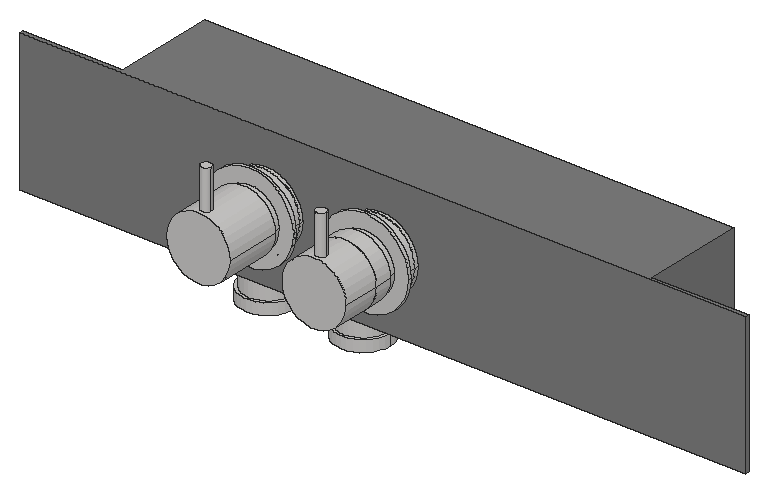
Revit family "5201", category Plumbing Fixtures, Revit 2021
Family settings
  Round Connector Dimension = Use Diameter
  Part Type = Normal
  Work Plane-Based = No
  Always vertical = Yes
  Cut with Voids When Loaded = No
  Shared = No
  Room Calculation Point = No
Parameters
  e-mail = "info@vola.com"
  URL = "http://vola.com"
  Telephone = "+45 7023 5500"
  Quality management standard = "ISO 9001"
  Organisation no. / DUNS no. = "17531328"
  Occupational health and safety management standard = "ISO 18001"
  Mounting Instructions = "http://vola.com/service/producturl.ashx?name=5201"
  Model = "5201"
  Mixer Offset [instance] = 12.00 mm
  Mixer = yes
  Materials and components information = "http://vola.com/service/producturl.ashx?name=5201"
  Manufacturer = "VOLA A/S"
  Maintenance Instructions = "http://vola.com/service/producturl.ashx?name=5201"
  Guarantee = "2 years"
  Flow = "45,00 l/min"
  Environmental management standard = "ISO 14000"
  Default Elevation = 0.00 mm
  Connection - All relevant connections = "¾\" for water connection"
  Approvals = "http://vola.com/service/producturl.ashx?name=5201"
Reference planes
  plane 1 "Center (Front/Back)": y = 0
  plane 2: z = 0
  plane 3 "Center (Left/Right)": x = 0
  plane 4 "Mixer plane": y = 12
  plane 5 "Wall Surface": y = 0
Forms (mm)
  Extrusion 1, solid, material "Stainless Steel", visible <- "Mixer"
    sketch origin (14.11, 9.5, 0) x (0, 0, -1) y (1, 0, 0)
      loop
        circle (0, 24.89) r 24.89
    from 0 to 9.5
  Extrusion 2, solid, material "Stainless Steel", visible <- "Mixer"
    sketch origin (-63.89, 9.5, 0) x (0, 0, -1) y (1, 0, 0)
      loop
        circle (0, 24.89) r 24.89
    from 0 to 9.5
Dimensions and locks
  "Mixer Offset": plane 4 "Mixer plane" to plane 1 "Center (Front/Back)"
  aligned and locked: plane 2 to level
  aligned and locked: nested 4 to plane 4 "Mixer plane"
  aligned and locked: plane 1 "Center (Front/Back)" to Extrusion 1
  aligned and locked: plane 1 "Center (Front/Back)" to Extrusion 2
Automatic sketch dimensions
  radius of Extrusion 1 sketch curve to nested 4 = 0.00 mm
  radius of Extrusion 2 sketch curve to nested 4 = 0.00 mm
Nested families
  nested 1: "NR52" at (39, -2, 0), type "NR52"
  nested 2: "NR51" at (-39, -2, 0), type "NR51"
  nested 3: "2001" at (-39, 0, 0) x (1, 0, 0) z (0, -1, 0), type "2001"
  nested 4: "5200V" at (0, 83.5, -85), visible <- "Mixer", type "5200V"
  nested 5: "2001" at (39, 0, 0) x (1, 0, 0) z (0, -1, 0), type "2001"
Connectors
  piping at (-71, 54.5, -85), diameter 37
    settings: on nested 4, index 1, connector inside diameter 1.45669", connector length 0.00 mm, flow factor 0, pipe flow 0 GPM, pressure drop 0.00 psi, fitting loss kfactor 0, connector angle 0.00°, fixture units 0, engagement length 0.00 mm, angle of deflection 0.00°, flow configuration 0, flow direction 1, fitting loss method 0, system type 19, joint type 0, gender type 0, connector reference index -1, connector utility 0, adjustable connector no, is connector primary yes, connector description ""
  piping at (-7, 54.5, -85), diameter 37
    settings: on nested 4, index 2, connector inside diameter 1.45669", connector length 0.00 mm, flow factor 0, pipe flow 0 GPM, pressure drop 0.00 psi, fitting loss kfactor 0, connector angle 0.00°, fixture units 0, engagement length 0.00 mm, angle of deflection 0.00°, flow configuration 0, flow direction 1, fitting loss method 0, system type 20, joint type 0, gender type 0, connector reference index -1, connector utility 0, adjustable connector no, is connector primary no, connector description ""
Definition of nested family "NR52"
  Parameters
    e-mail = "info@vola.com"
    URL = "http://vola.com"
    Telephone = "+45 7023 5500"
    Quality management standard = "ISO 9001"
    Organisation no. / DUNS no. = "17531328"
    Occupational health and safety management standard = "ISO 18001"
    Mounting Instructions = "http://vola.com/service/producturl.ashx?name=NR52"
    Model = "NR52"
    Materials and components information = "http://vola.com/service/producturl.ashx?name=NR52"
    Manufacturer = "VOLA A/S"
    Maintenance Instructions = "http://vola.com/service/producturl.ashx?name=NR52"
    Guarantee = "2 years"
    Environmental management standard = "ISO 14000"
    Default Elevation = 0.00 mm
    Connection - All relevant connections = ""
    Approvals = "http://vola.com/service/producturl.ashx?name=NR52"
  Reference planes
    plane 1 "Center (Front/Back)": y = 0
    plane 2: z = 0
    plane 3 "Center (Left/Right)": x = 0
  Forms (mm)
    Extrusion 1, solid
      sketch origin (0, 0, 0) x (1, 0, 0) y (0, 0, 1)
        loop
          circle (0, 0) r 20
      from 0 to 5
    Extrusion 2, solid
      sketch origin (0, 0, 0) x (1, 0, 0) y (0, 0, 1)
        loop
          circle (0, 0) r 21.5
      from 17 to 42.5
    Extrusion 3, solid
      sketch origin (0, -2, 0) x (0, -1, 0) y (1, 0, 0)
        loop
          circle (34.5, 0) r 3.5
      from 0 to 47.5
    Extrusion 4, solid
      sketch origin (0, 10.75, -47.4) x (0, -1, 0) y (1, 0, 0)
        loop
          circle (34.5, 0) r 3.5
      from 22.5 to 47.4
    Extrusion 5, solid
      sketch origin (0, 11.93, 0) x (1, 0, 0) y (0, 0, 1)
        loop
          circle (0, 0) r 21.5
      from 16.93 to 28.93
  Cuts and joins
    joined: Extrusion 2, Extrusion 3, Extrusion 4
  Dimensions and locks
    aligned and locked: plane 2 to level
    aligned and locked: Extrusion 2 to Extrusion 5
    aligned and locked: Extrusion 1 to Extrusion 5
Definition of nested family "NR51"
  Parameters
    e-mail = "info@vola.com"
    URL = "http://vola.com"
    Telephone = "+45 7023 5500"
    Quality management standard = "ISO 9001"
    Organisation no. / DUNS no. = "17531328"
    Occupational health and safety management standard = "ISO 18001"
    Mounting Instructions = "http://vola.com/service/producturl.ashx?name=NR51"
    Model = "NR51"
    Materials and components information = "http://vola.com/service/producturl.ashx?name=NR51"
    Manufacturer = "VOLA A/S"
    Maintenance Instructions = "http://vola.com/service/producturl.ashx?name=NR51"
    Guarantee = "2 years"
    Environmental management standard = "ISO 14000"
    Default Elevation = 0.00 mm
    Connection - All relevant connections = ""
    Approvals = "http://vola.com/service/producturl.ashx?name=NR51"
  Reference planes
    plane 1 "Center (Front/Back)": y = 0
    plane 2: z = 0
    plane 3 "Center (Left/Right)": x = 0
  Forms (mm)
    Extrusion 1, solid
      sketch origin (0, 0, 0) x (1, 0, 0) y (0, 0, 1)
        loop
          circle (0, 0) r 21.5
      from 5 to 42.5
    Extrusion 2, solid
      sketch origin (0, -2, 0) x (0, -1, 0) y (1, 0, 0)
        loop
          circle (34.5, 0) r 3.5
      from 0 to 47.5
    Extrusion 3, solid
      sketch origin (0, 0, 0) x (1, 0, 0) y (0, 0, 1)
        loop
          circle (0, 0) r 20
      from 0 to 5
  Cuts and joins
    joined: Extrusion 1, Extrusion 2
  Dimensions and locks
    aligned and locked: plane 2 to level
Definition of nested family "2001"
  Parameters
    e-mail = "info@vola.com"
    URL = "http://vola.com"
    Telephone = "+45 7023 5500"
    Quality management standard = "ISO 9001"
    Organisation no. / DUNS no. = "17531328"
    Occupational health and safety management standard = "ISO 18001"
    Mounting Instructions = "http://vola.com/service/producturl.ashx?name=2001"
    Model = "2001"
    Materials and components information = "http://vola.com/service/producturl.ashx?name=2001"
    Manufacturer = "VOLA A/S"
    Maintenance Instructions = "http://vola.com/service/producturl.ashx?name=2001"
    Guarantee = "2 years"
    Environmental management standard = "ISO 14000"
    Default Elevation = 1219.20 mm
    Connection - All relevant connections = ""
    Approvals = "http://vola.com/service/producturl.ashx?name=2001"
  Reference planes
    plane 1 "Center (Front/Back)": y = 0
    plane 2: z = 0
    plane 3 "Center (Left/Right)": x = 0
  Forms (mm)
    Extrusion 1, solid
      sketch origin (0, 0, 0) x (1, 0, 0) y (0, 1, 0)
        loop
          circle (0, 0) r 19.5
        loop
          circle (0, 0) r 30
      from 0 to 2
  Dimensions and locks
    aligned and locked: plane 2 to level
Definition of nested family "5200V"
  Parameters
    e-mail = "info@vola.com"
    URL = "http://vola.com"
    Telephone = "+45 7023 5500"
    Quality management standard = "ISO 9001"
    Organisation no. / DUNS no. = "17531328"
    Occupational health and safety management standard = "ISO 18001"
    Mounting Instructions = "http://vola.com/service/producturl.ashx?name=5200V"
    Model = "5200V"
    Materials and components information = "http://vola.com/service/producturl.ashx?name=5200V"
    Manufacturer = "VOLA A/S"
    Maintenance Instructions = "http://vola.com/service/producturl.ashx?name=5200V"
    Guarantee = "2 years"
    Flow = "45,00 l/min"
    Environmental management standard = "ISO 14000"
    Default Elevation = 0.00 mm
    Connection - All relevant connections = ""
    Approvals = "http://vola.com/service/producturl.ashx?name=5200V"
  Reference planes
    plane 1 "Center (Front/Back)": y = 0
    plane 2: z = 0
    plane 3 "Center (Left/Right)": x = 0
    plane 4 "Inlet Center Plane": y = -29
    plane 5: z = 85
  Forms (mm)
    Extrusion 1, solid
      sketch origin (10, 0, 16) x (1, 0, 0) y (0, 1, 0)
        loop
          line (-147.5, 0) -> (-147.5, -69) -> (210.5, -69) -> (210.5, 0) -> (-147.5, 0)
      from 21.5 to 116.5
    Extrusion 2, solid
      sketch origin (10, -1, 16) x (1, 0, 0) y (0, 1, 0)
        loop
          line (-215, -68) -> (-215, -70.5) -> (275.5, -70.5) -> (275.5, -68) -> (-215, -68)
      from 21.5 to 116.5
    Extrusion 3, solid
      sketch origin (-59, -4, 37.5) x (0, 1, 0) y (1, 0, 0)
        loop
          circle (-25, -12) r 16.5
      from 0 to 29.77
    Extrusion 4, solid
      sketch origin (5, -4, 37.5) x (0, 1, 0) y (1, 0, 0)
        loop
          circle (-25, -12) r 16.5
      from 0 to 29.77
    Extrusion 5, solid
      sketch origin (-51.5, -71.5, 16) x (-1, 0, 0) y (0, 0, -1)
        loop
          circle (-12.5, -69) r 24.89
      from 0 to 2.5
    Extrusion 6, solid
      sketch origin (26.5, -71.5, 16) x (-1, 0, 0) y (0, 0, -1)
        loop
          circle (-12.5, -69) r 24.89
      from 0 to 2.5
    Extrusion 7, solid
      sketch origin (-59, -4, 7.73) x (-1, 0, 0) y (0, 1, 0)
        loop
          circle (12, -25) r 18.5
      from 0 to 7.73
    Extrusion 8, solid
      sketch origin (5, -4, 7.73) x (-1, 0, 0) y (0, 1, 0)
        loop
          circle (12, -25) r 18.5
      from 0 to 7.73
  Cuts and joins
    joined: Extrusion 1, Extrusion 2
  Lines and regions (mm)
    reference lines
      curve 1: line (39, -29, 85) -> (39, -121.5, 85)
      curve 2: line (-39, -29, 85) -> (-39, -121.5, 85)
      curve 3: line (-71, -29, 85) -> (-71, -29, -14)
      curve 4: line (-7, -29, 85) -> (-7, -29, -14)
  Dimensions and locks
    aligned and locked: plane 2 to level
    aligned and locked: Extrusion 1 to Extrusion 2
    aligned and locked: Extrusion 2 to Extrusion 1
